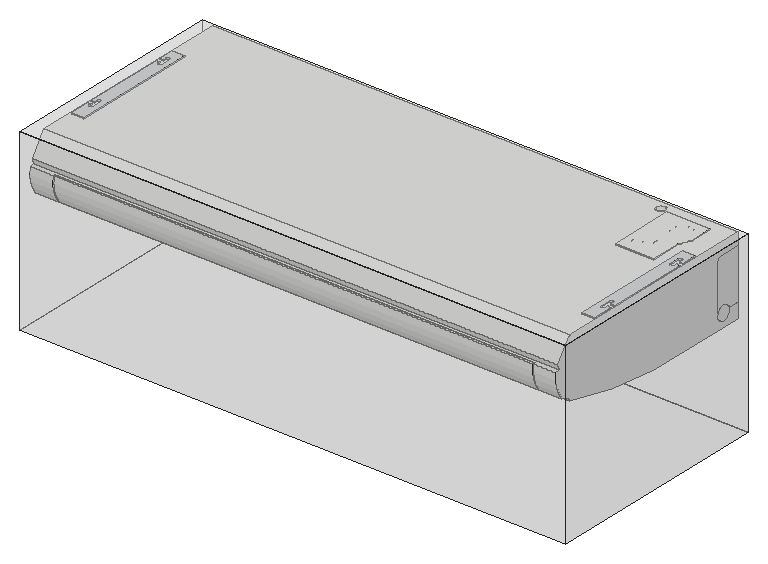
Revit family "outputfile", category 機械設備, Revit 2024
Family settings
  丸型コネクタ寸法 = 半径を使用
  パーツ タイプ = 標準
  OmniClass 番号 = 23.75.10.24.21.27.27
  OmniClass タイトル = Split System Air Conditioning Units
  作業面ベース = いいえ
  常に垂直 = はい
  ロード時にボイドで切り取り = いいえ
  注釈の向きを維持 = いいえ
  共有 = いいえ
  部屋計算ポイント = はい
Parameters (values of type "FXHQ125BVM4")
  Description = ""
  製造元 = "Daikin"
  書き出し IFC クラス(タイプ) = "IfcUnitaryEquipmentType"
  定義済み IFC タイプ(タイプ) = "AIRCONDITIONINGUNIT"
  Cost = 0
  モデル = "FXHQ125BVM4"
  Type Comments = ""
  Keynote = ""
  Type Image = (empty or 0)
  Assembly Code = ""
  r_Liquid Pipe Size = Liquid Pipe Size / 2  # 4.75 mm
  r_Gas Pipe Size = Gas Pipe Size / 2  # 7.95 mm
  r_Drain Pipe Size = Drain Pipe Size / 2  # 10.0 mm
  l_powersupply [instance] = if(Rear Right Connection_powersupply, 29.0 mm, 175.0 mm)  # 29.0 mm
  h_mountinghole = 2.0 mm  # constant formula
  angle_vertical_powersupply [instance] = if(Rear Right Connection_powersupply, 90.00°, 180.00°)  # 90.00°
  angle_vertical_drainpipe [instance] = if(or(Left Connection_drainpipe, Right Connection_drainpipe), 90.00°, if(Top Connection_drainpipe, 180.00°, -90.00°))  # -90.00°
  angle_horizontal_powersupply [instance] = if(Rear Right Connection_powersupply, 180.00°, 0.00°)  # 180.00°
  angle_horizontal_drainpipe [instance] = if(Right Connection_drainpipe, 90.00°, if(Left Connection_drainpipe, -90.00°, 0.00°))  # 0.00°
  Voltage_comment_60Hz = "220-240"
  Voltage_comment_50Hz = "220-240"
  Voltage_60Hz = 220 V
  Voltage_50Hz = 220 V
  URL = ""
  Top Connection_refrigerant [instance] = no
  Top Connection_powersupply [instance] = not(Rear Right Connection_powersupply)  # no
  Sound Power Level_H speed (dB) = 0
  Right Connection_refrigerant [instance] = no
  Rear Right Connection_refrigerant [instance] = yes
  Phase_60Hz = 1
  Phase_50Hz = 1
  Minimum Circuit Amps_60Hz = 1.4 A
  Minimum Circuit Amps_50Hz = 1.4 A
  Maximum Fuse Amps_60Hz = 15.0 A
  Maximum Fuse Amps_50Hz = 15.0 A
  Material_Casing = DAIKIN_White_Casing_indoorunit
  lw_powersupply [instance] = if(Rear Right Connection_powersupply, 220.0 mm, 210.0 mm)  # 220.0 mm
  lw_mountinghole_pitch = 1550.0 mm  # constant formula
  lw_mountinghole = 20.0 mm  # constant formula
  lw_liquidpipe [instance] = if(Right Connection_refrigerant, 156.0 mm, if(Top Connection_refrigerant, 156.0 mm, 136.0 mm))  # 136.0 mm
  lw_gaspipe = 105.0 mm  # constant formula
  lw_drainpipe [instance] = if(Top Connection_drainpipe, 102.0 mm, if(or(Left Connection_drainpipe, Rear Left Connection_drainpipe), 1514.0 mm, 83.0 mm))  # 83.0 mm
  lh_powersupply = 175.0 mm  # constant formula
  lh_liquidpipe [instance] = if(Rear Right Connection_refrigerant, 160.0 mm, 131.0 mm)  # 160.0 mm
  lh_gaspipe [instance] = if(Rear Right Connection_refrigerant, 150.0 mm, 91.0 mm)  # 150.0 mm
  lh_drainpipe = 197.0 mm  # constant formula
  l_antena = 1.0 mm  # constant formula
  ld_powersupply = 30.0 mm  # constant formula
  ld_mountinghole_pitch = 260.0 mm  # constant formula
  ld_mountinghole = 210.0 mm  # constant formula
  ld_liquidpipe [instance] = if(Right Connection_refrigerant, 57.0 mm, if(Top Connection_refrigerant, 189.0 mm, 221.0 mm))  # 221.0 mm
  ld_gaspipe [instance] = if(Right Connection_refrigerant, 57.0 mm, if(Top Connection_refrigerant, 163.0 mm, 214.0 mm))  # 214.0 mm
  ld_drainpipe [instance] = if(or(Left Connection_drainpipe, Right Connection_drainpipe), 57.0 mm, if(Top Connection_drainpipe, 87.0 mm, 268.0 mm))  # 268.0 mm
  l_liquidpipe_length [instance] = if(Right Connection_refrigerant, 156.0 mm, if(Top Connection_refrigerant, 131.0 mm, 220.0 mm))  # 220.0 mm
  l_gaspipe_length [instance] = if(Right Connection_refrigerant, 105.0 mm, if(Top Connection_refrigerant, 91.0 mm, 213.0 mm))  # 213.0 mm
  l_drainpipe_length [instance] = if(Right Connection_drainpipe, 83.0 mm, if(Top Connection_drainpipe, 197.0 mm, if(Left Connection_drainpipe, 76.0 mm, 267.0 mm)))  # 267.0 mm
  h*** = 100.0 mm  # constant formula
  angle_vertical [instance] = if(Right Connection_refrigerant, 90.00°, if(Top Connection_refrigerant, 180.00°, -90.00°))  # -90.00°
  angle_horizontal [instance] = if(Right Connection_refrigerant, 90.00°, 0.00°)  # 0.00°
  Width = 1590.0 mm
  Version = "ver.1.0"
  Unit Type = "Ceiling Suspended Type"
  Unit Mass Weight = 39.00 kg
  Unit Designation [instance] = ""
  Uniclass2015Version = "Products v1.30"
  Uniclass2015Title = "Variable refrigerant flow units"
  Uniclass2015Code = "Pr_70_65_03_94"
  Total Heating Capacity [instance] = 0.000 kW
  Total Cooling Capacity [instance] = 0.000 kW
  Top Connection_drainpipe [instance] = no
  Sound Pressure Level_M speed (dBA) = 0
  Sound Pressure Level_L speed (dBA) = 37
  Sound Pressure Level_H speed (dBA) = 46
  Series = "VRV Fan Coil Unit"
  Sensible Cooling Capacity [instance] = 0.000 kW
  Rear Right Connection_drainpipe [instance] = yes
  Rear Right Connection_powersupply [instance] = yes
  Right Connection_drainpipe [instance] = no
  Refrigerant Type = "R410A"
  Power Input (Heating) = 0.168 kW
  Power Input (Cooling) = 0.168 kW
  Option Accessory 3 [instance] = ""
  Option Accessory 2 [instance] = ""
  Option Accessory 1 [instance] = ""
  Nominal Heating Capacity = 16.000 kW
  Nominal Cooling Capacity = 14.100 kW
  Minimum Airflow = 1200.00 m³/h
  Median Airflow = 0.00 m³/h
  Maximum Airflow = 2040.00 m³/h
  Load Classification = HVAC
  Liquid Pipe Size = 9.5 mm
  Link_Nested Family [instance] = ""
  Rear Left Connection_drainpipe [instance] = no
  Left Connection_drainpipe [instance] = no
  IfcVersion = "0"
  IfcExportType = "AIRCONDITIONINGUNIT"
  IfcExportAs = "IfcUnitaryEquipmentType"
  Height = 235.0 mm
  Heating Entering Wet Bulb Temperature [instance] = 0.00 °C
  Heating Entering Dry Bulb Temperature [instance] = 0.00 °C
  Heating Ambient Wet Bulb Temperature [instance] = 0.00 °C
  Heating Ambient Dry Bulb Temperature [instance] = 0.00 °C
  Heat Exchanger Type = "Cross Fin Coil"
  Gas Pipe Size = 15.9 mm
  Frequency_60Hz = 60 Hz
  Frequency_50Hz = 50 Hz
  Fan Type = "Sirocco Fan"
  Fan Drive = "Direct Drive"
  FCU Tag No. [instance] = ""
  Drain Pipe Size = 20.0 mm
  Design Supply Airflow [instance] = 0.00 m³/h
  Design Outdoor Airflow [instance] = 0.00 m³/h
  Depth = 690.0 mm
  既定の高さ = 0.0 mm
  Cooling Entering Wet Bulb Temperature [instance] = 0.00 °C
  Cooling Entering Dry Bulb Temperature [instance] = 0.00 °C
  Cooling Ambient Wet Bulb Temperature [instance] = 0.00 °C
  Cooling Ambient Dry Bulb Temperature [instance] = 0.00 °C
  Clearance visibility [instance] = yes
  Clearance Top = 5.0 mm
  Clearance Right = 30.0 mm
  Clearance Rear = 0.0 mm
  Clearance Left = 30.0 mm
  Clearance Front = 0.0 mm
  Clearance Bottom = 300.0 mm
Reference planes
  plane 1 "Back": y = 0
  plane 2: z = 0
  plane 3 "Center (Left/Right)": x = 0
  plane 4 "Center (Front/Back)": y = -1
  plane 5 "Front": y = -690
  plane 6 "Left": x = -795
  plane 7 "Right": x = 795
  plane 8 "Top": z = 0
  plane 9 "Bottom": z = -235
  plane 10: y = -690
  plane 11: x = -825
  plane 12: x = 825
  plane 13: z = 5
  plane 14: z = -535
  plane 15: y = 0
  plane 16 "lw_mountinghole": x = -775
  plane 17 "lw_mountinghole2": x = 775
  plane 18 "ld_mountinghole": y = -210
  plane 19 "ld_mountinghole2": y = -470
  plane 20 "lw_gaspipe": x = 690
  plane 21 "ld_gaspipe": y = -214
  plane 22 "lh_gaspipe": z = -150
  plane 23 "lw_liquidpipe": x = 659
  plane 24 "ld_liquidpipe": y = -221
  plane 25 "lh_liquidpipe": z = -160
  plane 26 "ld_drainpipe": y = -268
  plane 27 "lw_drainpipe": x = 712
  plane 28 "lh_drainpipe": z = -197
  plane 29 "lw_powersupply": x = 575
  plane 30 "lh_powersupply": z = -175
  plane 31 "ld_powersupply": y = -30
Forms (mm)
  Extrusion 1, solid, material "DAIKIN_White_Casing_indoorunit" <- "Material_Casing"
    sketch origin (0, 0, 0) x (0, 1, 0) y (0, 0, 1)
      loop
        line (-639.277, 0) -> (-680.876, -61.699) -> (-675.026, -77.772)
        arc (-675.026, -77.772) -> (-681.815, -78.743) -> (-688.601, -79.732) r 2634.132
        arc (-688.601, -79.732) -> (-687.018, -121.096) -> (-669.159, -158.439) r 102.2
        line (-669.159, -158.439) -> (-639.858, -169.325) -> (-635.895, -178.261)
        arc (-635.895, -178.261) -> (-479.121, -215.759) -> (-319.077, -235) r 1400.997
        line (-319.077, -235) -> (-1, -235) -> (-1, 0) -> (-639.277, 0)
    from -795 to 795
  Extrusion 2, solid, material "DAIKIN_White_Casing_indoorunit" <- "Material_Casing"
    sketch origin (0, 0, 0) x (0, 1, 0) y (0, 0, 1)
      loop
        arc (-688.601, -79.732) -> (-687.018, -121.096) -> (-669.159, -158.439) r 102.2
        line (-669.159, -158.439) -> (-665.589, -154.869)
        arc (-665.589, -154.869) -> (-682.432, -118.783) -> (-683.39, -78.971) r 97.2
        arc (-683.39, -78.971) -> (-685.996, -79.351) -> (-688.601, -79.732) r 2634.132
    from -725.5 to 725.5
  Extrusion 3, void
    sketch origin (0, 0, 0) x (0, 1, 0) y (0, 0, 1)
      loop
        line (-301.098, -235) -> (-21.098, -235) -> (-21.098, -230) -> (-301.098, -230) -> (-301.098, -235)
    from -750 to 750
  Extrusion 4, solid, material "DAIKIN_White_Grille_indoorunit"
    sketch origin (0, 0, 0) x (0, 1, 0) y (0, 0, 1)
      loop
        line (-20.098, -230) -> (-301.098, -230) -> (-301.098, -235) -> (-20.098, -235) -> (-20.098, -230)
    from -750 to 750
  Extrusion 5, solid, material "DAIKIN_White_Casing_indoorunit" <- "Material_Casing"
    sketch origin (0, 0, 0) x (1, 0, 0) y (0, 0, 1)
      loop
        line (602, -63) -> (602, -178) -> (673, -220) -> (736, -220) -> (736, -63) -> (602, -63)
    from 0 to 1
  Extrusion 6, solid, material "DAIKIN_White_Casing_indoorunit" <- "Material_Casing"
    sketch origin (0, 0, 0) x (-1, 0, 0) y (0, -1, 0)
      loop
        line (-607, 35) -> (-607, 230) -> (-723, 230) -> (-723, 135) -> (-738, 105) -> (-738, 35) -> (-607, 35)
    from 0 to 1.9
  Extrusion 7, void
    sketch origin (795, 0, 0) x (0, 1, 0) y (0, 0, 1)
      loop
        arc (-79.5, -195) -> (-55.446, -217.446) -> (-34.715, -191.9) r 22.5
        line (-34.715, -191.9) -> (-1, -191.9) -> (-1, -190.1) -> (-35.04, -190.1)
        arc (-35.04, -190.1) -> (-54.942, -172.594) -> (-77.7, -186.182) r 22.5
        line (-77.7, -186.182) -> (-77.7, -43)
        arc (-77.7, -43) -> (-76.528, -40.172) -> (-73.7, -39) r 4
        line (-73.7, -39) -> (-1, -39) -> (-1, -37.2) -> (-73.7, -37.2)
        arc (-73.7, -37.2) -> (-77.801, -38.899) -> (-79.5, -43) r 5.8
        line (-79.5, -43) -> (-79.5, -195)
      loop
        circle (-57, -195) r 20.7
    from 0 to -10
  Extrusion 8, void
    sketch origin (-1444.026, -1, 1200) x (1, 0, 0) y (0, 0, 1)
      loop
        arc (715.026, -1375) -> (704.42, -1379.393) -> (700.026, -1390) r 15
        line (700.026, -1390) -> (700.026, -1400)
        arc (700.026, -1400) -> (704.42, -1410.607) -> (715.026, -1415) r 15
        line (715.026, -1415) -> (745.026, -1415)
        arc (745.026, -1415) -> (755.633, -1410.607) -> (760.026, -1400) r 15
        line (760.026, -1400) -> (760.026, -1390)
        arc (760.026, -1390) -> (755.633, -1379.393) -> (745.026, -1375) r 15
        line (745.026, -1375) -> (715.026, -1375)
    from 0 to 10
  Extrusion 9, void
    sketch origin (-795, 0, 0) x (0, 1, 0) y (0, 0, 1)
      loop
        circle (-57, -197) r 22.5
    from 0 to 10
  Extrusion 10, void
    sketch origin (-1444.026, -1, 1200) x (1, 0, 0) y (0, 0, 1)
      loop
        circle (2136.026, -1375) r 44
    from 0 to 10
  Extrusion 11, void
    sketch origin (0, 0, 0) x (-1, 0, 0) y (0, -1, 0)
      loop
        circle (-693, 87) r 30
    from 0 to -10
  Extrusion 12, void
    sketch origin (0, 0, 0) x (-1, 0, 0) y (0, -1, 0)
      loop
        circle (-690, 163) r 18
    from 0 to -10
  Extrusion 13, void
    sketch origin (0, 0, 0) x (-1, 0, 0) y (0, -1, 0)
      loop
        circle (-639, 189) r 13
    from 0 to -10
  Extrusion 14, void
    sketch origin (-1444.026, -1, 1200) x (1, 0, 0) y (0, 0, 1)
      loop
        circle (2019.026, -1375) r 14.5
    from 0 to 10
  Extrusion 15, void
    sketch origin (0, 0, 0) x (-1, 0, 0) y (0, -1, 0)
      loop
        circle (-585, 30) r 14.5
    from 0 to -10
  Extrusion 16, void
    sketch origin (795, 0, 0) x (0, 1, 0) y (0, 0, 1)
      loop
        arc (-665.589, -154.869) -> (-682.432, -118.783) -> (-683.39, -78.971) r 97.2
        arc (-683.39, -78.971) -> (-685.996, -79.351) -> (-688.601, -79.732) r 2634.132
        arc (-688.601, -79.732) -> (-687.018, -121.096) -> (-669.159, -158.439) r 102.2
        line (-669.159, -158.439) -> (-665.589, -154.869)
    from -69.5 to -1520.5
  Extrusion 17, solid, material "DAIKIN_White_Casing_indoorunit" <- "Material_Casing"
    sketch origin (-795, 0, 0) x (0, 1, 0) y (0, 0, 1)
      loop
        circle (-57, -197) r 22.5
    from 0 to 10
  Extrusion 18, solid
    sketch origin (0, 0, 0) x (-1, 0, 0) y (0, -1, 0)
      loop
        line (781, 223.998) -> (781, 215.998) -> (791.2, 215.998) -> (791.2, 463.998) -> (781, 463.998) -> (781, 455.998)
        arc (781, 455.998) -> (775, 449.998) -> (769, 455.998) r 6
        line (769, 455.998) -> (769, 483.998)
        arc (769, 483.998) -> (775, 489.998) -> (781, 483.998) r 6
        line (781, 483.998) -> (781, 475.998) -> (791.2, 475.998) -> (791.2, 538.998) -> (752.798, 538.998) -> (752.798, 158.998) -> (791.2, 158.998) -> (791.2, 203.998) -> (781, 203.998) -> (781, 195.998)
        arc (781, 195.998) -> (775, 189.998) -> (769, 195.998) r 6
        line (769, 195.998) -> (769, 223.998)
        arc (769, 223.998) -> (775, 229.998) -> (781, 223.998) r 6
      loop
        line (-769, 223.998) -> (-769, 195.998)
        arc (-769, 195.998) -> (-775, 189.998) -> (-781, 195.998) r 6
        line (-781, 195.998) -> (-781, 203.998) -> (-791.2, 203.998) -> (-791.2, 158.998) -> (-752.798, 158.998) -> (-752.798, 538.998) -> (-791.2, 538.998) -> (-791.2, 475.998) -> (-781, 475.998) -> (-781, 483.998)
        arc (-781, 483.998) -> (-775, 489.998) -> (-769, 483.998) r 6
        line (-769, 483.998) -> (-769, 455.998)
        arc (-769, 455.998) -> (-775, 449.998) -> (-781, 455.998) r 6
        line (-781, 455.998) -> (-781, 463.998) -> (-791.2, 463.998) -> (-791.2, 215.998) -> (-781, 215.998) -> (-781, 223.998)
        arc (-781, 223.998) -> (-775, 229.998) -> (-769, 223.998) r 6
    from 0 to 2
Cuts and joins
  Extrusion 3, Extrusion 7, Extrusion 8, Extrusion 9, Extrusion 10, Extrusion 11, Extrusion 12, Extrusion 13, Extrusion 14, Extrusion 15, Extrusion 16 cuts Extrusion 1
Lines and regions (mm)
  reference lines
    curve 1: line (795, -580.282, -192.75) -> (795, -551.225, -200.21)
Dimensions and locks
  equal spacing: plane 6 "Left", plane 3 "Center (Left/Right)", plane 7 "Right"
  "Width": plane 6 "Left" to plane 7 "Right"
  "Depth": plane 5 "Front" to plane 1 "Back"
  "Height": plane 8 "Top" to plane 9 "Bottom"
  "Clearance Front": plane 10 to plane 5 "Front"
  "Clearance Left": plane 11 to plane 6 "Left"
  "Clearance Right": plane 7 "Right" to plane 12
  "Clearance Top": plane 13 to plane 8 "Top"
  "Clearance Bottom": plane 9 "Bottom" to plane 14
  "Clearance Rear": plane 1 "Back" to plane 15
  locked: plane 4 "Center (Front/Back)" to plane 1 "Back" at 1
  locked: Extrusion 1 sketch curve to Extrusion 1 sketch curve at 235
  locked: Extrusion 1 sketch curve to Extrusion 1 sketch curve at 318.077
  locked: Extrusion 1 sketch curve to Extrusion 1 sketch curve at 1163.297
  locked: Extrusion 1 sketch curve to Extrusion 1 sketch curve at 231.144
  Extrusion 3 sketch curve to Extrusion 3 sketch curve to plane 1 "Back" = 280.0 mm locked, 21.098 mm locked
  "ld_mountinghole": plane 18 "ld_mountinghole" to plane 1 "Back"
  "ld_mountinghole_pitch": plane 18 "ld_mountinghole" to plane 19 "ld_mountinghole2"
  "lw_mountinghole_pitch": plane 16 "lw_mountinghole" to plane 17 "lw_mountinghole2"
  "lw_mountinghole": plane 6 "Left" to plane 16 "lw_mountinghole"
  "lw_gaspipe": plane 20 "lw_gaspipe" to plane 7 "Right"
  "ld_gaspipe": plane 1 "Back" to plane 21 "ld_gaspipe"
  "lw_liquidpipe": plane 23 "lw_liquidpipe" to plane 7 "Right"
  "ld_liquidpipe": plane 1 "Back" to plane 24 "ld_liquidpipe"
  "lw_drainpipe": plane 27 "lw_drainpipe" to plane 7 "Right"
  "ld_drainpipe": plane 26 "ld_drainpipe" to plane 1 "Back"
  plane 8 "Top" to Extrusion 5 sketch curve to Extrusion 5 sketch curve = 63.0 mm locked, 157.0 mm locked
  plane 7 "Right" to Extrusion 5 sketch curve to Extrusion 5 sketch curve = 59.0 mm locked, 134.0 mm locked
  locked: Extrusion 5 sketch curve to Extrusion 5 sketch curve at 115
  locked: Extrusion 5 sketch curve to Extrusion 5 sketch curve at 63
  locked: Extrusion 6 sketch curve to Extrusion 6 sketch curve at 195
  locked: Extrusion 6 sketch curve to Extrusion 6 sketch curve at 116
  locked: Extrusion 6 sketch curve to Extrusion 6 sketch curve at 131
  locked: Extrusion 6 sketch curve to Extrusion 6 sketch curve at 100
  locked: Extrusion 6 sketch curve to plane 1 "Back" at 35
  locked: Extrusion 6 sketch curve to plane 7 "Right" at 57
  locked: Extrusion 8 sketch curve to Extrusion 8 sketch curve at 40
  locked: Extrusion 8 sketch curve to Extrusion 8 sketch curve at 60
  locked: plane 8 "Top" to Extrusion 8 sketch curve at 175
  locked: Extrusion 8 sketch curve to plane 6 "Left" at 51
  locked: plane 7 "Right" to Extrusion 10 sketch curve at 103
  locked: plane 8 "Top" to Extrusion 10 sketch curve at 175
  locked: Extrusion 11 sketch curve to plane 1 "Back" at 87
  locked: Extrusion 11 sketch curve to plane 7 "Right" at 102
  locked: Extrusion 12 sketch curve to plane 1 "Back" at 163
  locked: Extrusion 12 sketch curve to plane 7 "Right" at 105
  locked: Extrusion 13 sketch curve to plane 1 "Back" at 189
  locked: Extrusion 13 sketch curve to plane 7 "Right" at 156
  "lw_powersupply": plane 29 "lw_powersupply" to plane 7 "Right"
  "lh_gaspipe": plane 8 "Top" to plane 22 "lh_gaspipe"
  "lh_liquidpipe": plane 8 "Top" to plane 25 "lh_liquidpipe"
  "lh_powersupply": plane 8 "Top" to plane 30 "lh_powersupply"
  "lh_drainpipe": plane 8 "Top" to plane 28 "lh_drainpipe"
  "ld_powersupply": plane 1 "Back" to plane 31 "ld_powersupply"
  locked: plane 8 "Top" to Extrusion 7 sketch curve at 195
  locked: Extrusion 7 sketch curve to plane 1 "Back" at 57
  locked: plane 9 "Bottom" to Extrusion 7 sketch curve at 43.1
  locked: Extrusion 7 sketch curve to plane 8 "Top" at 39
  locked: Extrusion 7 sketch curve to plane 1 "Back" at 79.5
  locked: Extrusion 9 sketch curve to plane 1 "Back" at 57
  locked: plane 8 "Top" to Extrusion 9 sketch curve at 197
  locked: Extrusion 17 sketch curve to plane 1 "Back" at 57
  locked: plane 8 "Top" to Extrusion 17 sketch curve at 197
  locked: plane 7 "Right" to Extrusion 14 sketch curve at 220
  locked: plane 8 "Top" to Extrusion 14 sketch curve at 175
  locked: Extrusion 15 sketch curve to plane 7 "Right" at 210
  locked: Extrusion 15 sketch curve to plane 1 "Back" at 30
  locked: curve 1 to plane 9 "Bottom" at 34.79
  locked: curve 1 to plane 9 "Bottom" at 42.25
  locked: curve 1 to plane 9 "Bottom" (angle 14.40°)
  aligned and locked: level to plane 2
  aligned and locked: nested 1 to plane 11
  aligned and locked: nested 1 to plane 12
  aligned and locked: nested 1 to plane 10
  aligned and locked: plane 13 to nested 1
  aligned and locked: plane 14 to nested 1
  aligned and locked: plane 15 to nested 1
  aligned and locked: Extrusion 1 sketch curve to plane 8 "Top"
  aligned and locked: Extrusion 2 sketch curve to Extrusion 1  (x2)
  aligned and locked: plane 7 "Right" to Extrusion 1
  aligned and locked: Extrusion 1 to plane 6 "Left"
  aligned and locked: cut or joined group 1 (Extrusion 1, Extrusion 3, Extrusion 7, Extrusion 8, Extrusion 9, Extrusion 10, Extrusion 11, Extrusion 12, Extrusion 13, Extrusion 14, Extrusion 15, Extrusion 16) to Extrusion 3 sketch curve
  aligned and locked: cut or joined group 1 to Extrusion 4 sketch curve
  aligned and locked: Extrusion 5 to plane 4 "Center (Front/Back)"
  aligned and locked: Extrusion 7 sketch curve to plane 4 "Center (Front/Back)"
  aligned and locked: Extrusion 16 sketch curve to Extrusion 2  (x4)
  aligned and locked: Extrusion 16 to Extrusion 2  (x2)
  aligned and locked: nested 2 to plane 26 "ld_drainpipe"
  aligned and locked: plane 27 "lw_drainpipe" to nested 2
  aligned and locked: plane 20 "lw_gaspipe" to nested 3
  aligned and locked: nested 3 to plane 21 "ld_gaspipe"
  aligned and locked: plane 23 "lw_liquidpipe" to nested 4
  aligned and locked: nested 4 to plane 24 "ld_liquidpipe"
  aligned and locked: plane 25 "lh_liquidpipe" to nested 4
  aligned and locked: Extrusion 4 sketch curve to cut or joined group 1
  aligned and locked: nested 5 to plane 31 "ld_powersupply"
  aligned and locked: plane 29 "lw_powersupply" to nested 5
  aligned and locked: nested 7 to plane 18 "ld_mountinghole"
  aligned and locked: plane 16 "lw_mountinghole" to nested 7
  aligned and locked: nested 6 to plane 19 "ld_mountinghole2"
  aligned and locked: plane 16 "lw_mountinghole" to nested 6
  aligned and locked: nested 9 to plane 18 "ld_mountinghole"
  aligned and locked: plane 17 "lw_mountinghole2" to nested 9
  aligned and locked: plane 17 "lw_mountinghole2" to nested 8
  aligned and locked: nested 8 to plane 19 "ld_mountinghole2"
  aligned and locked: nested 10 to curve 1
  aligned and locked: level to plane 8 "Top"
Automatic sketch dimensions
  Extrusion 1 sketch curve to plane 5 "Front" = 9.124 mm
  Extrusion 1 sketch curve to plane 8 "Top" = 61.699 mm
  Extrusion 1 sketch curve to plane 5 "Front" = 14.974 mm
  Extrusion 1 sketch curve to plane 5 "Front" = 50.723 mm
  Extrusion 1 sketch curve to Extrusion 1 sketch curve = 16.072 mm
  Extrusion 1 sketch curve to plane 5 "Front" = 54.105 mm
  Extrusion 1 sketch curve to Extrusion 1 sketch curve = 87.226 mm
  Extrusion 1 sketch curve to plane 4 "Center (Front/Back)" = 304.278 mm
  Extrusion 1 sketch curve to Extrusion 1 sketch curve = 18.815 mm
  Extrusion 1 sketch curve to plane 5 "Front" = 1.399 mm
  Extrusion 1 sketch curve to plane 5 "Front" = 20.841 mm
  Extrusion 1 sketch curve to Extrusion 1 sketch curve = 3.963 mm
  Extrusion 1 sketch curve to Extrusion 1 sketch curve = 1.961 mm
  Extrusion 1 sketch curve to Extrusion 1 sketch curve = 8.936 mm
  Extrusion 1 sketch curve to plane 4 "Center (Front/Back)" = 0.0 mm
  Extrusion 2 sketch curve to Extrusion 2 sketch curve = 0.0 mm  (x2)
  Extrusion 2 sketch curve to Extrusion 2 sketch curve = 5.21 mm
  Extrusion 2 sketch curve to Extrusion 2 sketch curve = 3.57 mm  (x2)
  plane 9 "Bottom" to Extrusion 3 sketch curve = 5.0 mm
  Extrusion 6 sketch curve to Extrusion 6 sketch curve = 30.0 mm
  Extrusion 8 sketch curve to plane 28 "lh_drainpipe" = 3.0 mm  (x2)
  Extrusion 7 sketch curve to Extrusion 7 sketch curve = 0.0 mm  (x6)
  Extrusion 7 sketch curve to plane 4 "Center (Front/Back)" = 0.0 mm  (x2)
  Extrusion 7 sketch curve to Extrusion 7 sketch curve = 1.8 mm  (x2)
  Extrusion 7 sketch curve to Extrusion 7 sketch curve = 0.325 mm
  Extrusion 7 sketch curve to Extrusion 7 sketch curve = 4.0 mm
  plane 9 "Bottom" to Extrusion 4 sketch curve = 5.0 mm
  plane 31 "ld_powersupply" to Extrusion 4 sketch curve = 9.902 mm
  Extrusion 18 sketch curve to plane 17 "lw_mountinghole2" = 0.0 mm  (x4)
  Extrusion 18 sketch curve to plane 16 "lw_mountinghole" = 0.0 mm  (x4)
  plane 17 "lw_mountinghole2" to Extrusion 18 sketch curve = 6.0 mm  (x2)
  Extrusion 18 sketch curve to plane 7 "Right" = 3.8 mm  (x3)
  plane 16 "lw_mountinghole" to Extrusion 18 sketch curve = 22.202 mm
  plane 16 "lw_mountinghole" to Extrusion 18 sketch curve = 6.0 mm
  Extrusion 18 sketch curve to Extrusion 18 sketch curve = 6.0 mm
  plane 6 "Left" to Extrusion 18 sketch curve = 3.8 mm  (x3)
  plane 18 "ld_mountinghole" to Extrusion 18 sketch curve = 51.002 mm  (x2)
  plane 18 "ld_mountinghole" to Extrusion 18 sketch curve = 14.002 mm  (x2)
  plane 18 "ld_mountinghole" to Extrusion 18 sketch curve = 6.002 mm  (x2)
  Extrusion 18 sketch curve to plane 18 "ld_mountinghole" = 5.998 mm  (x2)
  Extrusion 18 sketch curve to Extrusion 18 sketch curve = 8.0 mm  (x3)
  plane 19 "ld_mountinghole2" to Extrusion 18 sketch curve = 14.002 mm  (x2)
  plane 19 "ld_mountinghole2" to Extrusion 18 sketch curve = 6.002 mm  (x2)
  Extrusion 18 sketch curve to plane 19 "ld_mountinghole2" = 5.998 mm  (x2)
  Extrusion 18 sketch curve to plane 19 "ld_mountinghole2" = 13.998 mm
  Extrusion 18 sketch curve to Extrusion 18 sketch curve = 55.0 mm  (x2)
  Extrusion 18 sketch curve to plane 17 "lw_mountinghole2" = 22.202 mm
  curve 1 to plane 5 "Front" = 109.718 mm
  Extrusion 8 sketch curve to Extrusion 8 sketch curve = 15.0 mm  (x2)
  radius of Extrusion 10 sketch curve = 44.0 mm
  radius of Extrusion 11 sketch curve = 30.0 mm
  radius of Extrusion 12 sketch curve = 18.0 mm
  radius of Extrusion 13 sketch curve = 13.0 mm
  radius of Extrusion 15 sketch curve = 14.5 mm
  radius of Extrusion 14 sketch curve = 14.5 mm
  radius of Extrusion 7 sketch curve = 20.7 mm
  radius of Extrusion 9 sketch curve = 22.5 mm
  radius of Extrusion 17 sketch curve = 22.5 mm
Nested families
  nested 1: "daikin_clearancespace" at (0, -345, -264.881), visible <- "Clearance visibility", show <- "Clearance visibility", Link_Nested Family <- "Link_Nested Family", type "daikin_clearancespace"
    with width 1650.0 mm, show yes, height 540.0 mm, depth 690.0 mm, Link_Nested Family ""
  nested 2: "daikin_connector_rotate3" at (712, -268, -197), radius <- "r_Drain Pipe Size", angle_vertical <- "angle_vertical_drainpipe", angle_horizontal <- "angle_horizontal_drainpipe", length <- "l_drainpipe_length", type "daikin_connector_rotate3"
    with show no, radius 10.0 mm, length 267.0 mm, angle_vertical -90.00°, angle_horizontal 0.00°
  nested 3: "daikin_connector_rotate3" at (690, -214, -150), radius <- "r_Gas Pipe Size", angle_vertical <- "angle_vertical", angle_horizontal <- "angle_horizontal", length <- "l_gaspipe_length", type "daikin_connector_rotate3"
    with show no, radius 7.95 mm, length 213.0 mm, angle_vertical -90.00°, angle_horizontal 0.00°
  nested 4: "daikin_connector_rotate3" at (659, -221, -160), radius <- "r_Liquid Pipe Size", angle_vertical <- "angle_vertical", angle_horizontal <- "angle_horizontal", length <- "l_liquidpipe_length", type "daikin_connector_rotate3"
    with show no, radius 4.75 mm, length 220.0 mm, angle_vertical -90.00°, angle_horizontal 0.00°
  nested 5: "daikin_connector_rotate3" at (575, -30, -175), length <- "l_powersupply", angle_vertical <- "angle_vertical_powersupply", angle_horizontal <- "angle_horizontal_powersupply", type "daikin_connector_rotate3"
    with show no, radius 10.0 mm, length 29.0 mm, angle_vertical 90.00°, angle_horizontal 180.00°
  nested 6: "daikin_mountinghole" at (-775, -470, 0), l_antenna <- "l_antena", Link_Nested Family <- "Link_Nested Family", h_mountinghole <- "h_mountinghole", type "daikin_mountinghole"
    with show yes, l_antenna 1.0 mm, h_mountinghole 2.0 mm, Link_Nested Family ""
  nested 7: "daikin_mountinghole" at (-775, -210, 0), l_antenna <- "l_antena", Link_Nested Family <- "Link_Nested Family", h_mountinghole <- "h_mountinghole", type "daikin_mountinghole"
    with show yes, l_antenna 1.0 mm, h_mountinghole 2.0 mm, Link_Nested Family ""
  nested 8: "daikin_mountinghole" at (775, -470, 0), l_antenna <- "l_antena", Link_Nested Family <- "Link_Nested Family", h_mountinghole <- "h_mountinghole", type "daikin_mountinghole"
    with show yes, l_antenna 1.0 mm, h_mountinghole 2.0 mm, Link_Nested Family ""
  nested 9: "daikin_mountinghole" at (775, -210, 0), Link_Nested Family <- "Link_Nested Family", l_antenna <- "l_antena", h_mountinghole <- "h_mountinghole", type "daikin_mountinghole"
    with show yes, l_antenna 1.0 mm, h_mountinghole 2.0 mm, Link_Nested Family ""
  nested 10: "daikin_logo_plane_w40" at (647.963, -559.801, -198.008) x (1, 0, 0) z (0, -0.2487, -0.9686), type "daikin_logo_plane_w40"
    with show_logo yes
Connectors
  piping at (712, -1, -197), diameter 20, driven by "r_Drain Pipe Size"
    settings: on nested 2, index 1, connector inside diameter 609.6 mm, connector length 0.0 mm, flow factor 0, pipe flow 0.00 m³/h, pressure drop 0.0 Pa, fitting loss kfactor 0, connector angle 0.00°, fixture units 0, engagement length 0.0 mm, angle of deflection 0.00°, flow configuration 1, flow direction 2, fitting loss method 4, system type 16, joint type 0, gender type 0, connector reference index -1, connector utility 0, adjustable connector no, is connector primary yes, connector description "Condensate Drain Piping"
  piping at (690, -1, -150), diameter 15.9, driven by "r_Gas Pipe Size"
    settings: on nested 3, index 3, connector inside diameter 609.6 mm, connector length 0.0 mm, flow factor 0, pipe flow 0.00 m³/h, pressure drop 0.0 Pa, fitting loss kfactor 0, connector angle 0.00°, fixture units 0, engagement length 0.0 mm, angle of deflection 0.00°, flow configuration 1, flow direction 2, fitting loss method 0, system type 29, joint type 0, gender type 0, connector reference index -1, connector utility 0, adjustable connector no, is connector primary no, connector description "Refrigerant Gas Piping"
  piping at (659, -1, -160), diameter 9.5, driven by "r_Liquid Pipe Size"
    settings: on nested 4, index 4, connector inside diameter 609.6 mm, connector length 0.0 mm, flow factor 0, pipe flow 0.00 m³/h, pressure drop 0.0 Pa, fitting loss kfactor 0, connector angle 0.00°, fixture units 0, engagement length 0.0 mm, angle of deflection 0.00°, flow configuration 1, flow direction 1, fitting loss method 0, system type 29, joint type 0, gender type 0, connector reference index -1, connector utility 0, adjustable connector no, is connector primary no, connector description "Refrigerant Liquid Piping"
  electrical at (575, -1, -175), driven by "Load Classification"
    settings: on nested 5, index 6, voltage 0 V, apparent load 0 VA, apparent load phase1 0 VA, apparent load phase2 0 VA, apparent load phase3 0 VA, power factor 1, load classification "HVAC", number of poles 1, system type 30, power factor state 1, is connector primary yes, connector utility no, sub classification motor no, connector description "Power Supply"
Definition of nested family "daikin_clearancespace"
  Parameters (values of type "daikin_clearancespace")
    width [instance] = 1823.963 mm
    show [instance] = yes
    material = none
    height [instance] = 1359.762 mm
    depth [instance] = 880.0 mm
    Default Elevation = 0.0 mm
    Link_Nested Family [instance] = ""
  Reference planes
    plane 1 "Center (Front/Back)": y = 0
    plane 2 "Center (Elevation)": z = -0.119
    plane 3 "Center (Left/Right)": x = 0
    plane 4: y = 440
    plane 5: y = -440
    plane 6 "Right": x = 911.982
    plane 7 "Left": x = -911.982
    plane 8 "Top": z = 679.762
    plane 9 "Bottom": z = -680
  Forms (mm)
    Extrusion 1, solid, material <- "material", visible <- "show"
      sketch origin (0, 0, 0) x (1, 0, 0) y (0, 1, 0)
        loop
          line (-911.982, 440) -> (-911.982, -440) -> (911.982, -440) -> (911.982, 440) -> (-911.982, 440)
      from -680 to 679.762
  Lines and regions (mm)
    symbolic lines, visible <- "show"
      curve 1: line (911.982, 440, 0) -> (-911.982, 440, 0)
      curve 2: line (-911.982, 440, 0) -> (-911.982, -440, 0)
      curve 3: line (-911.982, -440, 0) -> (911.982, -440, 0)
      curve 4: line (911.982, -440, 0) -> (911.982, 440, 0)
      curve 5: line (911.982, 0, 679.762) -> (-911.982, 0, 679.762)
      curve 6: line (911.982, 0, -680) -> (911.982, 0, 679.762)
      curve 7: line (-911.982, 0, -680) -> (911.982, 0, -680)
      curve 8: line (-911.982, 0, 679.762) -> (-911.982, 0, -680)
      curve 9: line (0, 440, 679.762) -> (0, -440, 679.762)
      curve 10: line (0, -440, 679.762) -> (0, -440, -680)
      curve 11: line (0, 440, -680) -> (0, 440, 679.762)
      curve 12: line (0, -440, -680) -> (0, 440, -680)
  Dimensions and locks
    "width": plane 7 "Left" to plane 6 "Right"
    "depth": plane 4 to plane 5
    "height": plane 8 "Top" to plane 9 "Bottom"
    equal spacing: plane 7 "Left", plane 3 "Center (Left/Right)", plane 6 "Right"
    equal spacing: plane 4, plane 1 "Center (Front/Back)", plane 5
    equal spacing: plane 8 "Top", plane 2 "Center (Elevation)", plane 9 "Bottom"
    aligned and locked: level to plane 2 "Center (Elevation)"
    aligned and locked: Extrusion 1 sketch curve to plane 4
    aligned and locked: plane 7 "Left" to Extrusion 1 sketch curve
    aligned and locked: Extrusion 1 sketch curve to plane 5
    aligned and locked: Extrusion 1 sketch curve to plane 6 "Right"
    aligned and locked: plane 8 "Top" to Extrusion 1
    aligned and locked: curve 1 to Extrusion 1
    aligned and locked: curve 2 to Extrusion 1
    aligned and locked: curve 3 to Extrusion 1
    aligned and locked: curve 4 to Extrusion 1
    aligned and locked: curve 5 to Extrusion 1
    aligned and locked: curve 6 to Extrusion 1
    aligned and locked: curve 7 to Extrusion 1
    aligned and locked: curve 8 to Extrusion 1
    aligned and locked: curve 9 to Extrusion 1
    aligned and locked: curve 10 to Extrusion 1
    aligned and locked: curve 11 to Extrusion 1
    aligned and locked: curve 12 to Extrusion 1
    aligned and locked: Extrusion 1 to plane 9 "Bottom"
Definition of nested family "daikin_logo_plane_w40"
  Parameters (values of type "daikin_logo_plane_w40")
    width = 40.0 mm
    show_logo [instance] = yes
    material = none
    height = 0.0 mm
    depth = 0.0 mm
    Default Elevation = 1219.2 mm
  Reference planes
    plane 1 "Center (Front/Back)": y = 0
    plane 2: z = 0
    plane 3 "Center (Left/Right)": x = 0
    plane 4: z = 2
    plane 5 "left": x = -19
    plane 6: x = 19
  Forms (mm)
    Extrusion 1, solid, visible <- "show_logo"
      sketch origin (-19, 0, 0) x (1, 0, 0) y (0, 1, 0)
        loop
          line (8.902, -1.878) -> (7.789, -6.332) -> (11.13, -6.332)
          arc (11.13, -6.332) -> (12.454, -6.064) -> (13.472, -5.176) r 2.642
          arc (13.472, -5.176) -> (13.92, -4.02) -> (13.767, -2.79) r 2.537
          arc (13.767, -2.79) -> (13.452, -2.342) -> (12.982, -2.06) r 1.321
          arc (12.982, -2.06) -> (12.063, -1.902) -> (11.13, -1.878) r 6.479
          line (11.13, -1.878) -> (8.902, -1.878)
        loop
          line (10.016, -5.441) -> (10.907, -5.441)
          arc (10.907, -5.441) -> (11.591, -4.983) -> (11.988, -4.261) r 1.742
          spline (11.988, -4.261) -> (12.01, -4.155) -> (12.027, -4.03) -> (12.037, -3.893) -> (12.037, -3.747) -> (12.026, -3.598) -> (12.002, -3.451) -> (11.962, -3.31) -> (11.905, -3.181) -> (11.829, -3.069) -> (11.731, -2.978) -> (11.61, -2.913) -> (11.464, -2.88)
          line (11.464, -2.88) -> (10.573, -2.88) -> (10.016, -5.441)
        loop
          line (13.58, -6.332) -> (14.805, -6.332) -> (15.223, -5.553) -> (16.977, -5.553) -> (17.144, -6.332) -> (19.149, -6.332) -> (18.258, -1.878) -> (16.03, -1.878) -> (13.58, -6.332)
        loop
          line (16.476, -3.214) -> (15.76, -4.551) -> (16.762, -4.551) -> (16.476, -3.214)
        loop
          line (19.705, -6.332) -> (21.599, -6.332) -> (22.712, -1.878) -> (20.819, -1.878) -> (19.705, -6.332)
        loop
          line (22.712, -6.332) -> (24.606, -6.332) -> (24.908, -5.122) -> (25.831, -6.332) -> (28.17, -6.332) -> (26.388, -3.994) -> (28.949, -1.878) -> (26.945, -1.878) -> (25.401, -3.153) -> (25.719, -1.878) -> (23.826, -1.878) -> (22.712, -6.332)
        loop
          line (29.84, -1.878) -> (28.615, -6.332) -> (30.62, -6.332) -> (31.734, -1.878) -> (29.84, -1.878)
        loop
          line (31.734, -6.332) -> (33.07, -6.332) -> (33.7, -3.814) -> (34.518, -6.332) -> (36.745, -6.332) -> (37.859, -1.878) -> (36.523, -1.878) -> (35.845, -4.589) -> (34.963, -1.878) -> (32.847, -1.878) -> (31.734, -6.332)
      from 0 to 2
    Extrusion 2, solid, visible <- "show_logo"
      sketch origin (-19, 0, 0) x (1, 0, 0) y (0, 1, 0)
        loop
          line (8.7, 0) -> (4.235, 0) -> (0, -3.879) -> (0, -8) -> (8.7, 0)
      from 0 to 2
    Extrusion 3, solid, visible <- "show_logo"
      sketch origin (-19, 0, 0) x (1, 0, 0) y (0, 1, 0)
        loop
          line (0, 0) -> (0, -3.879) -> (4.235, 0) -> (0, 0)
      from 0 to 2
  Dimensions and locks
    plane 4 to plane 2 = 2.0 mm
    equal spacing: plane 5 "left", plane 3 "Center (Left/Right)", plane 6
    locked: plane 5 "left" to plane 6 at 38
    aligned and locked: level to plane 2
    aligned and locked: Extrusion 3 to plane 1 "Center (Front/Back)"  (x2)
    aligned and locked: Extrusion 2 to plane 1 "Center (Front/Back)"  (x2)
    aligned and locked: plane 4 to Extrusion 1
    aligned and locked: plane 4 to Extrusion 3
    aligned and locked: plane 4 to Extrusion 2
    aligned and locked: Extrusion 3 to plane 5 "left"
    aligned and locked: Extrusion 2 to plane 5 "left"
  Automatic sketch dimensions
    Extrusion 1 sketch curve to Extrusion 1 sketch curve = 0.901 mm
    Extrusion 1 sketch curve to Extrusion 1 sketch curve = 1.559 mm
    Extrusion 1 sketch curve to Extrusion 1 sketch curve = 1.327 mm
    Extrusion 1 sketch curve to Extrusion 1 sketch curve = 2.145 mm
    Extrusion 1 sketch curve to Extrusion 1 sketch curve = 1.448 mm
    Extrusion 1 sketch curve to Extrusion 1 sketch curve = 2.116 mm
    Extrusion 1 sketch curve to Extrusion 1 sketch curve = 1.114 mm  (x4)
    Extrusion 1 sketch curve to Extrusion 1 sketch curve = 1.336 mm  (x2)
    plane 1 "Center (Front/Back)" to Extrusion 1 sketch curve = 1.878 mm  (x5)
    Extrusion 1 sketch curve to Extrusion 1 sketch curve = 1.893 mm  (x5)
    Extrusion 1 sketch curve to Extrusion 1 sketch curve = 0.891 mm  (x4)
    Extrusion 1 sketch curve to Extrusion 1 sketch curve = 2.005 mm  (x3)
    Extrusion 1 sketch curve to Extrusion 1 sketch curve = 0.445 mm  (x2)
    plane 1 "Center (Front/Back)" to Extrusion 1 sketch curve = 3.994 mm
    Extrusion 1 sketch curve to Extrusion 1 sketch curve = 0.557 mm  (x2)
    Extrusion 1 sketch curve to Extrusion 1 sketch curve = 2.339 mm  (x2)
    Extrusion 1 sketch curve to Extrusion 1 sketch curve = 1.225 mm  (x3)
    plane 1 "Center (Front/Back)" to Extrusion 1 sketch curve = 3.153 mm
    Extrusion 1 sketch curve to Extrusion 1 sketch curve = 0.987 mm
    plane 1 "Center (Front/Back)" to Extrusion 1 sketch curve = 5.122 mm
    Extrusion 1 sketch curve to Extrusion 1 sketch curve = 0.922 mm
    plane 1 "Center (Front/Back)" to Extrusion 1 sketch curve = 6.332 mm
    Extrusion 1 sketch curve to Extrusion 1 sketch curve = 2.562 mm
    plane 1 "Center (Front/Back)" to Extrusion 1 sketch curve = 5.553 mm
    Extrusion 1 sketch curve to Extrusion 1 sketch curve = 0.167 mm
    Extrusion 1 sketch curve to Extrusion 1 sketch curve = 0.215 mm
    plane 1 "Center (Front/Back)" to Extrusion 1 sketch curve = 3.214 mm
    Extrusion 1 sketch curve to Extrusion 1 sketch curve = 0.286 mm
    plane 1 "Center (Front/Back)" to Extrusion 1 sketch curve = 4.551 mm
    Extrusion 1 sketch curve to Extrusion 1 sketch curve = 1.002 mm
    Extrusion 1 sketch curve to Extrusion 1 sketch curve = 0.537 mm
    Extrusion 1 sketch curve to Extrusion 1 sketch curve = 0.418 mm
    Extrusion 1 sketch curve to Extrusion 1 sketch curve = 1.028 mm
    plane 1 "Center (Front/Back)" to Extrusion 1 sketch curve = 4.261 mm
    Extrusion 1 sketch curve to Extrusion 1 sketch curve = 0.563 mm
    plane 1 "Center (Front/Back)" to Extrusion 1 sketch curve = 2.88 mm
    Extrusion 1 sketch curve to Extrusion 1 sketch curve = 1.088 mm
    Extrusion 1 sketch curve to Extrusion 1 sketch curve = 2.152 mm
    Extrusion 1 sketch curve to Extrusion 1 sketch curve = 0.586 mm
    Extrusion 1 sketch curve to Extrusion 1 sketch curve = 0.118 mm
    Extrusion 1 sketch curve to Extrusion 1 sketch curve = 0.298 mm
    Extrusion 1 sketch curve to Extrusion 1 sketch curve = 0.334 mm
    Extrusion 1 sketch curve to Extrusion 1 sketch curve = 0.223 mm
    Extrusion 1 sketch curve to Extrusion 1 sketch curve = 0.266 mm
    Extrusion 1 sketch curve to Extrusion 1 sketch curve = 1.671 mm
    Extrusion 1 sketch curve to Extrusion 1 sketch curve = 2.227 mm
    Extrusion 1 sketch curve to Extrusion 1 sketch curve = 0.0 mm  (x7)
    Extrusion 1 sketch curve to Extrusion 1 sketch curve = 3.453 mm
    Extrusion 1 sketch curve to Extrusion 1 sketch curve = 2.017 mm
    Extrusion 1 sketch curve to Extrusion 1 sketch curve = 0.78 mm  (x2)
    Extrusion 1 sketch curve to Extrusion 1 sketch curve = 1.743 mm
    Extrusion 1 sketch curve to Extrusion 1 sketch curve = 0.775 mm
    Extrusion 1 sketch curve to Extrusion 1 sketch curve = 0.552 mm
    Extrusion 1 sketch curve to Extrusion 1 sketch curve = 0.014 mm
    Extrusion 1 sketch curve to Extrusion 1 sketch curve = 0.952 mm
    Extrusion 1 sketch curve to Extrusion 1 sketch curve = 1.215 mm
    Extrusion 1 sketch curve to Extrusion 1 sketch curve = 0.108 mm
    plane 1 "Center (Front/Back)" to Extrusion 2 sketch curve = 0.0 mm
    Extrusion 2 sketch curve to plane 3 "Center (Left/Right)" = 19.0 mm
    Extrusion 2 sketch curve to plane 3 "Center (Left/Right)" = 14.765 mm
    Extrusion 2 sketch curve to Extrusion 2 sketch curve = 4.465 mm
    plane 1 "Center (Front/Back)" to Extrusion 2 sketch curve = 3.879 mm
    Extrusion 2 sketch curve to Extrusion 2 sketch curve = 4.12 mm
    plane 1 "Center (Front/Back)" to Extrusion 3 sketch curve = 0.0 mm
    Extrusion 3 sketch curve to plane 3 "Center (Left/Right)" = 19.0 mm
    Extrusion 3 sketch curve to plane 3 "Center (Left/Right)" = 14.765 mm
    plane 1 "Center (Front/Back)" to Extrusion 3 sketch curve = 3.879 mm
    Extrusion 1 sketch curve to plane 3 "Center (Left/Right)" = 11.211 mm
    Extrusion 1 sketch curve to Extrusion 1 sketch curve = 1.782 mm
Definition of nested family "daikin_connector_rotate3"
  Parameters (values of type "daikin_connector_rotate3")
    show [instance] = yes
    radius [instance] = 10.0 mm
    length [instance] = 600.0 mm
    angle_horizontal [instance] = 60.00°
    angle_vertical [instance] = 90.00°
    Default Elevation = 1219.2 mm
  Reference planes
    plane 1 "Center (Front/Back)": y = 0
    plane 2: z = 0
    plane 3 "Center (Left/Right)": x = 0
  Dimensions and locks
    "angle_horizontal": angle plane 3 "Center (Left/Right)" to nested 1
    aligned and locked: level to plane 2
    aligned and locked: plane 1 "Center (Front/Back)" to nested 1  (x2)
    aligned and locked: plane 3 "Center (Left/Right)" to nested 1
  Nested families
    nested 1: "daikin_connector_rotate2" at (0, 0, 0) x (0.5, 0.866, 0) z (0, 0, 1), angle_vertical <- "angle_vertical", length <- "length", radius <- "radius", type "daikin_connector_rotate2"
      with radius 10.0 mm, length 600.0 mm, angle_vertical 90.00°
  Definition of nested family "daikin_connector_rotate2"
    Parameters (values of type "daikin_connector_rotate2")
      show_face = yes
      radius [instance] = 10.0 mm
      length [instance] = 600.0 mm
      d_surface = 10.0 mm
      angle_vertical [instance] = 90.00°
      Default Elevation = 0.0 mm
    Reference planes
      plane 1 "Center (Front/Back)": y = 0
      plane 2: z = 0
      plane 3 "Center (Left/Right)": x = 0
    Forms (mm)
      Extrusion 1, solid, visible <- "show_face"
        sketch origin (0, -600, 0) x (1, 0, 0) y (0, 0, 1)
          loop
            circle (0, 0) r 10
        from 0 to -10
    Lines and regions (mm)
      reference lines
        curve 1: line (0, 0, 0) -> (0, -600, 0)
      symbolic lines
        curve 2: circle (0, 0, 0) r 5 normal (0, 0, 1)
      model lines, visible <- "show_face"
        curve 3: line (0, 0, 0) -> (0, -600, 0)
    Dimensions and locks
      "length": curve 1 to curve 1
      "length": curve 3 to curve 3
      "d_surface": Extrusion 1 to Extrusion 1
      "radius": radius of Extrusion 1 sketch curve
      "angle_vertical": angle curve 1 to plane 1 "Center (Front/Back)"
      "angle_vertical": angle curve 3 to plane 1 "Center (Front/Back)"
      aligned and locked: level to plane 2
      aligned and locked: plane 1 "Center (Front/Back)" to curve 1
      aligned and locked: plane 2 to curve 1
      aligned and locked: plane 1 "Center (Front/Back)" to curve 2
      aligned and locked: plane 3 "Center (Left/Right)" to curve 2
      aligned and locked: plane 1 "Center (Front/Back)" to curve 3
      aligned and locked: plane 2 to curve 3
      aligned and locked: Extrusion 1 to Extrusion 1
    Automatic sketch dimensions
      Extrusion 1 sketch curve to level = 0.0 mm
      Extrusion 1 sketch curve to plane 3 "Center (Left/Right)" = 0.0 mm
      radius of curve 2 = 5.0 mm
Definition of nested family "daikin_mountinghole"
  Parameters (values of type "daikin_mountinghole")
    Default Elevation = 1219.2 mm
    Type Comments = "mountinghole"
    show [instance] = yes
    material = none
    l_centerline = 100.0 mm
    l_antenna [instance] = 100.0 mm
    h_mountinghole [instance] = 0.0 mm
    d_circle = 30.0 mm
    Link_Nested Family [instance] = ""
  Reference planes
    plane 1 "Center (Front/Back)": y = 0
    plane 2: z = 0
    plane 3 "Center (Left/Right)": x = 0
    plane 4: y = 50
    plane 5: x = -50
    plane 6: x = 50
    plane 7: y = -50
    plane 8 "h_mountinghole": z = 0
    plane 9: z = 100
  Lines and regions (mm)
    model lines, detail levels fine
      curve 1: circle (0, 0, 0) r 15 normal (0, 0, 1)
      curve 2: line (-50, 0, 0) -> (50, 0, 0)
      curve 3: line (0, 50, 0) -> (0, -50, 0)
    symbolic lines, detail levels fine
      curve 4: circle (0, 0, 0) r 15 normal (0, 0, 1)
      curve 5: line (-50, 0, 0) -> (50, 0, 0)
      curve 6: line (0, 50, 0) -> (0, -50, 0)
    model lines
      curve 7: line (0, 0, 100) -> (0, 0, 0)
  Dimensions and locks
    equal spacing: plane 4, plane 1 "Center (Front/Back)", plane 7
    "l_centerline": plane 4 to plane 7
    equal spacing: plane 5, plane 3 "Center (Left/Right)", plane 6
    "l_centerline": plane 5 to plane 6
    "l_antenna": plane 9 to plane 8 "h_mountinghole"
    "h_mountinghole": plane 8 "h_mountinghole" to plane 2
    "d_circle": diameter of curve 1
    "d_circle": diameter of curve 4
    aligned and locked: level to plane 2
    aligned and locked: plane 1 "Center (Front/Back)" to curve 1
    aligned and locked: plane 3 "Center (Left/Right)" to curve 1
    aligned and locked: plane 1 "Center (Front/Back)" to curve 2
    aligned and locked: curve 3 to plane 3 "Center (Left/Right)"
    aligned and locked: plane 6 to curve 2
    aligned and locked: plane 5 to curve 2
    aligned and locked: plane 4 to curve 3
    aligned and locked: plane 7 to curve 3
    aligned and locked: plane 1 "Center (Front/Back)" to curve 4
    aligned and locked: plane 3 "Center (Left/Right)" to curve 4
    aligned and locked: plane 6 to curve 5
    aligned and locked: plane 5 to curve 5
    aligned and locked: plane 1 "Center (Front/Back)" to curve 5
    aligned and locked: plane 4 to curve 6
    aligned and locked: plane 7 to curve 6
    aligned and locked: curve 6 to plane 3 "Center (Left/Right)"
    aligned and locked: curve 7 to plane 3 "Center (Left/Right)"
    aligned and locked: plane 9 to curve 7
    aligned and locked: plane 8 "h_mountinghole" to curve 7
